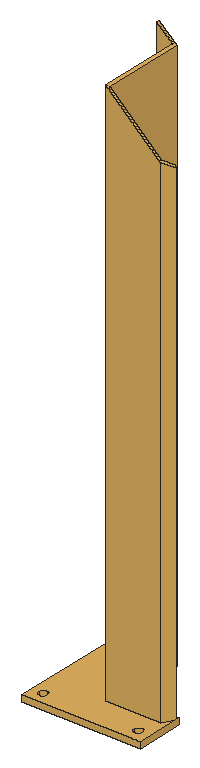
Revit family "Safety-Equipment_Door-Frame-Protection_Omega-Industrial_Trak-Shield", category Generic Models, Revit 2026
Family settings
  Can host rebar = No
  Round Connector Dimension = Use Diameter
  Part Type = Normal
  Classification Number = 23.30.80.17
  Work Plane-Based = Yes
  Always vertical = Yes
  Cut with Voids When Loaded = No
  Maintain Annotation Orientation = No
  Shared = No
  Room Calculation Point = No
Parameters (values of type "Trak Shield - 48")
  Warranty Duration (Years) = 0
  Unit Width = 0' - 10"
  Unit Height = 4' - 0"
  Unit Depth = 0' - 10"
  URL = "https://www.arcat.com/arcatcos/cos42/arc42113.html"
  Test Data = ""
  Specification = "https://www.arcat.com/sd/clients/omegaind.html?coid=42113"
  SpecWizard = ""
  Send Message = "https://www.omegaindl.com/lp-contact-us/"
  Sales Information = "https://www.omegaindl.com/lp-request-quote/"
  Revision = "R0_06-2018"
  Product Properties = "https://www.omegaindl.com/product/door-guard-trak-shield-48"
  Product Data = "https://www.arcat.com/arcatcos/cos42/arc42113.html"
  Guard Material = Omega_7 Ga. Steel
  Model = "OM8048"
  Manufacturer Website = "https://www.omegaindl.com/"
  Manufacturer Phone - Toll Free = "800-521-8272"
  Manufacturer Phone = "800-521-8272"
  Manufacturer Fax = "262-284-4199"
  Manufacturer Email = "inquiry@omegaindl.com"
  Manufacturer Address = "795 Progress Dr. P. O. Box 80303 Sawkville, WI 53080"
  Manufacturer = "Omega Industrial Products, Inc."
  Maintenance Schedule (Months) = 0
  Keynote = "41 67 19"
  Installation-Fabrication = ""
  Installation Phase = "Industrial Safety Equipment"
  Green Building-LEED = ""
  Expected Lifespan (Years) = 25
  Drawn By = "Sumex Design, Inc. / Robert S. Weygant, CSI, CDT, SCIP"
  Description = "Overhead Door Track Guard"
  Default Elevation = 4' - 0"
  Copyright = "2018 ARCAT, Inc."
  Construction Details = ""
  Company_ID = 42113
  Building Codes = ""
  Base Plate Material = Omega_1/2 in Steel
  Assembly Code = "E1090"
Reference planes (in)
  plane 1 "Center (Front/Back)": y = -1.375
  plane 2: z = 0
  plane 3 "Center (Left/Right)": x = -1.72513
  plane 4: x = 3.27487
  plane 5: x = -6.72513
  plane 6: y = 3.625
  plane 7: y = -6.375
  plane 8: z = 48
  plane 9: z = 0.5
  plane 10: z = 42
  plane 11: x = -3.25
  plane 12: y = -2.375
  plane 13: x = -5.72007
  plane 14: y = -5.375
  plane 15: y = 2.625
  plane 16: x = 2.26981
Forms (in)
  Sweep 1, solid, material "Omega_7 Ga. Steel" <- "Guard Material"
    path origin (0, -1.375, 0) x (1, 0, 0) y (0, 0, 1)
      loop
        line (-1.72513, 48) -> (-1.72513, 0.5)
    profile origin (-1.72513, -1.375, 24.25) x (0, -1, 0) y (1, 0, 0)
      loop
        line (-4.82, -1.52487) -> (-4.82, -0.18) -> (2.18, -0.18) -> (2.18, 4.39349) -> (1.31382, 5) -> (1.21058, 4.85255) -> (2, 4.29979) -> (2, 0) -> (-5, 0) -> (-5, -1.52487) -> (-4.82, -1.52487)
  Extrusion 2, void
    sketch origin (0, -1.375, 0) x (1, 0, 0) y (0, 0, 1)
      loop
        line (3.27487, 48) -> (-3.25, 48) -> (3.27487, 42) -> (3.27487, 48)
    from -5 to 5
  Extrusion 3, solid, material "Omega_1/2 in Steel" <- "Base Plate Material"
    sketch origin (0, 0, 0) x (1, 0, 0) y (0, 1, 0)
      loop
        line (-6.72513, 3.625) -> (-6.72513, -6.375) -> (3.27487, -6.375) -> (3.27487, -2.375) -> (-1.72513, -2.375) -> (-1.72513, 3.625) -> (-6.72513, 3.625)
      loop
        circle (-5.72007, 2.625) r 0.375
      loop
        circle (-5.72007, -5.375) r 0.375
      loop
        circle (2.26981, -5.375) r 0.375
    from 0 to 0.5
Cuts and joins
  Extrusion 2 cuts Sweep 1
Dimensions and locks (in)
  "Unit Width": plane 5 to plane 4
  "Unit Depth": plane 7 to plane 6
  equal spacing: plane 7, plane 1 "Center (Front/Back)", plane 6
  "Unit Height": plane 8 to level
  equal spacing: plane 5, plane 3 "Center (Left/Right)", plane 4
  locked: plane 9 to plane 2 at 0.5
  locked: plane 3 "Center (Left/Right)" to plane 11 at 1.52487
  locked: plane 12 to plane 1 "Center (Front/Back)" at 1
  locked: plane 5 to plane 13 at 1.00506
  locked: plane 15 to plane 6 at 1
  locked: plane 7 to plane 14 at 1
  plane 7 to plane 14 = 0' - 1"
  locked: plane 8 to plane 10 at 6
  aligned and locked: Sweep 1 sketch curve to plane 3 "Center (Left/Right)"
  aligned and locked: plane 8 to Sweep 1 sketch curve
  aligned and locked: Sweep 1 sketch curve to import instance  (x9)
  aligned and locked: plane 2 to level
  aligned and locked: plane 9 to Sweep 1 sketch curve
  aligned and locked: Extrusion 2 sketch curve to plane 4
  aligned and locked: Extrusion 2 sketch curve to plane 8
  aligned and locked: plane 7 to Extrusion 2
  aligned and locked: Extrusion 2 to plane 6
  aligned and locked: plane 5 to Extrusion 3 sketch curve
  aligned and locked: Extrusion 3 sketch curve to plane 7
  aligned and locked: Extrusion 3 sketch curve to plane 6
  aligned and locked: Extrusion 3 sketch curve to plane 3 "Center (Left/Right)"
  aligned and locked: Extrusion 3 sketch curve to plane 4
  aligned and locked: Extrusion 3 sketch curve to plane 12
  aligned and locked: plane 13 to Extrusion 3 sketch curve  (x2)
  aligned and locked: plane 15 to Extrusion 3 sketch curve
  aligned and locked: plane 14 to Extrusion 3 sketch curve  (x2)
  aligned and locked: plane 16 to Extrusion 3 sketch curve
  aligned and locked: Extrusion 3 to level
  aligned and locked: plane 9 to Extrusion 3
Automatic sketch dimensions
  Sweep 1 sketch curve to Sweep 1 sketch curve = 0' - 1.34487"
  plane 11 to Extrusion 2 sketch curve = 0' - 0"
  Extrusion 2 sketch curve to plane 10 = 0' - 0"
  radius of Extrusion 3 sketch curve = 0' - 0 3/8"  (x3)
